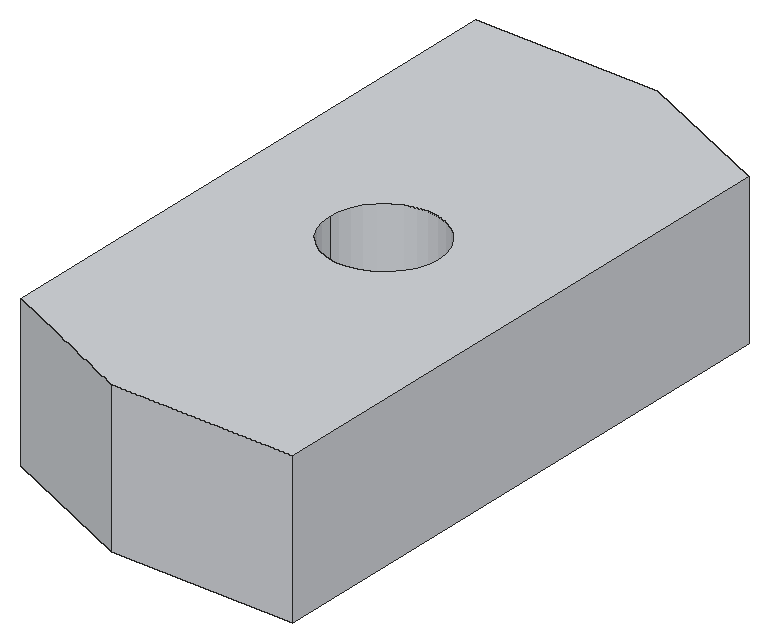
Revit family "Zahnplatte S, VA", category HLS-Bauteile, Revit 2017
Family settings
  Bemaßung runder Anschluss = Durchmesser verwenden
  Teiletyp = Normal
  Arbeitsebenenbasiert = Ja
  Immer vertikal = Nein
  Beim Laden mit Abzugskörper schneiden = Nein
  Gemeinsam genutzt = Ja
  Raumberechnungspunkt = Nein
Parameters (values of type "Zahnplatte S M 8, A4")
  d2 = 3.3 mm
  Default Elevation = 1219.2 mm
  S = 9 mm
  Regelhalter [instance] = ""
  Material = "Edelstahl"
  Kurztext2 = "M8 36 x 20 mm"
  Kurztext1 = "Zahnplatte S V4A"
  Gewicht pro Bauteil = Gewicht  # 0.0467 kg
  Gewicht = 0.0467 kg
  Fabrikat = "MEFA"
  EAN = "4250928459343"
  B = 38 mm
  Artikelnummer = "0481615"
Types (3, lengths in mm): name | d2 | Kurztext2 | Gewicht pro Bauteil | Gewicht | EAN | Artikelnummer
  Zahnplatte S M10, A4 | 4.2 | "M10 36 x 20 mm" | 0.0451 kg | 0.0451 kg | "4250928459350" | "0481616"
  Zahnplatte S M 8, A4 | 3.3 | "M8 36 x 20 mm" | 0.0467 kg | 0.0467 kg | "4250928459343" | "0481615"
  Zahnplatte S M12, A4 | 5.1 | "M12 36 x 20 mm" | 0.0432 kg | 0.0432 kg | "4250928459367" | "0481617"
Reference planes
  plane 1 "Mitte (Vorne/hinten)": y = 0
  plane 2: z = 0
  plane 3 "Mitte (Links/rechts)": x = 0
  plane 4: z = 9
Forms (mm)
  Extrusion 1, solid
    sketch origin (-17.5, 0, 0) x (1, 0, 0) y (0, 1, 0)
      loop
        line (18.7, 19) -> (7.8, 19) -> (7.8, -15.286) -> (16.3, -19) -> (27.2, -19) -> (27.2, 15.286) -> (18.7, 19)
    from 0 to 9
  Extrusion 2, void
    sketch origin (0, 0, 0) x (1, 0, 0) y (0, 1, 0)
      loop
        circle (0, 0) r 3.3
    from 0 to 250
Cuts and joins
  Extrusion 2 cuts Extrusion 1
Dimensions and locks
  "B": Extrusion 1 sketch curve to Extrusion 1 sketch curve
  equal spacing: cut or joined group of Extrusion 1, Extrusion 2, plane 1 "Mitte (Vorne/hinten)", cut or joined group of Extrusion 1, Extrusion 2
  plane 4 to cut or joined group of Extrusion 1, Extrusion 2 = 9 mm
  "S": level to plane 4
  "d2": radius of Extrusion 2 sketch curve
  aligned and locked: level to plane 2
  aligned and locked: cut or joined group of Extrusion 1, Extrusion 2 to level
  aligned and locked: plane 4 to cut or joined group of Extrusion 1, Extrusion 2
Automatic sketch dimensions
  Extrusion 1 sketch curve to plane 3 "Mitte (Links/rechts)" = 9.7 mm
  Extrusion 1 sketch curve to plane 3 "Mitte (Links/rechts)" = 1.2 mm
  plane 3 "Mitte (Links/rechts)" to Extrusion 1 sketch curve = 1.2 mm
  Extrusion 1 sketch curve to Extrusion 1 sketch curve = 8.5 mm
  plane 1 "Mitte (Vorne/hinten)" to Extrusion 1 sketch curve = 19 mm
  Extrusion 1 sketch curve to Extrusion 1 sketch curve = 3.714 mm  (x2)
  plane 1 "Mitte (Vorne/hinten)" to Extrusion 2 sketch curve = 0 mm
  Extrusion 2 sketch curve to plane 3 "Mitte (Links/rechts)" = 0 mm
